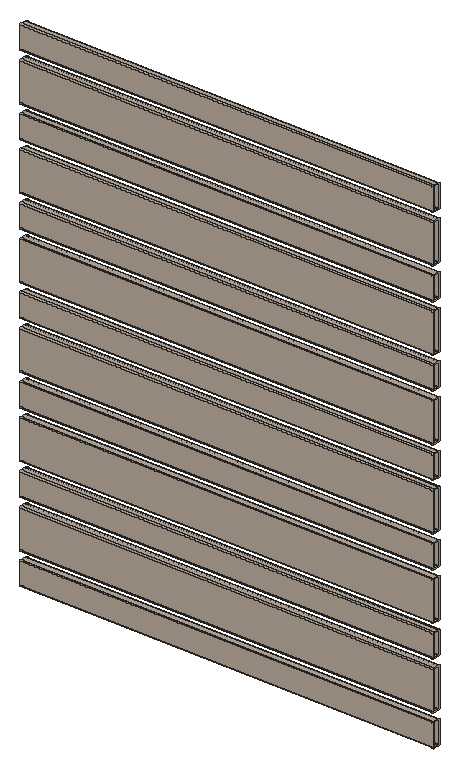
Revit family "ALTERNATING_ALUMINUM_PLANK_PANEL", category Specialty Equipment, Revit 2026
Family settings
  Round Connector Dimension = Use Diameter
  Part Type = Normal
  Classification Number = 23.55.00.00
  Work Plane-Based = No
  Enable Cutting in Views = No
  Always vertical = No
  Cut with Voids When Loaded = No
  Maintain Annotation Orientation = No
  Shared = No
  Room Calculation Point = No
Parameters (values of type "Assembly")
  Width [instance] = if(Desired Overall Width < C Min Width, C Min Width, if(Desired Overall Width > C Max Width, C Max Width, Desired Overall Width))  # 6' - 0"
  Warranty URL = "https://palmshieldlouvers.com/wp-content/uploads/2020/01/PalmSHIELD-Warranty-NO-SIGN-LINE.pdf"
  Version = "2020 - v1.0a"  # constant formula
  URL = "https://palmshieldlouvers.com/"
  Product Page URL = "https://palmshieldlouvers.com/products/mercury-eco-semi-private/"
  Product Documentation Link = "https://palmshieldlouvers.com/wp-content/uploads/2022/01/Mercury-Economic-Alternating-Semi-Private.pdf"
  Offset From Surface = 0' - 2"  # constant formula
  Model = "Mercury Economic - Alternating - Semi Private"  # constant formula
  Material = Metal - PalmSHIELD - Grey Beige
  Manufacturer Phone Number = "531-329-4406 "  # constant formula
  Manufacturer Email = "mailto: info@palmshieldlouvers.com"
  Manufacturer Address = "12330 Cary Circle, La Vista, NE 68128"  # constant formula
  Manufacturer = "PalmSHIELD"  # constant formula
  Louver Finish = Metal - PalmSHIELD - Grey Beige
  Keynote = "05 10 00"
  Instruction Sheet Link = "https://palmshieldlouvers.com/wp-content/uploads/2021/09/PalmSHIELD-Mercury-Series-Post-Panel-Gate-Installation-Instructions-2.docx"
  ID [instance] = "Not Assigned"
  Height [instance] = if(Desired Overall Height < C Min Height, C Min Height, if(Desired Overall Height > C Max Height, C Max Height, Desired Overall Height))  # 6' - 0"
  Desired Overall Width [instance] = 4' - 0"
  Desired Overall Height [instance] = 6' - 0"
  Desired Bottom Angle [instance] = 0.00°
  Description = "Mercury Economic - Alternating - Semi Private - Panel Assembly"  # constant formula
  Default Elevation = 0' - 0"
  Copyright = "Copyright ©2024 The American Fence Company and PalmSHIELD. All Rights Reserved."  # constant formula
  Component Vis [instance] = yes
  Component Name [instance] = "Mercury Economic - Alternating - Semi Private"  # constant formula
  C Min Width [instance] = 6' - 0"  # constant formula
  C Min Height [instance] = C Min Width  # 6' - 0"
  C Max Width [instance] = 5' - 0"  # constant formula
  C Max Height [instance] = 6' - 0"  # constant formula
  C Angle [instance] = if(Desired Bottom Angle > 10.00°, 10.00°, if(Desired Bottom Angle < -10.00°, -10.00°, Desired Bottom Angle))  # 0.00°
  Assembly Code = "F1020100"
Reference planes (in)
  plane 1 "Center (Front/Back)": y = 0
  plane 2: z = 0
  plane 3 "Center (Left/Right)": x = 0
  plane 4: z = 72
  plane 5: x = 72
  plane 6: y = 3
  plane 7: y = 1.5
Lines and regions (in)
  reference lines
    curve 1: line (48, 0, 96.95698) -> (48, 0, -11)
    curve 2: line (-20.8931, 0, 72) -> (95.1069, 0, 72)
Dimensions and locks (in)
  "Desired Overall Height": curve 2 to level
  "Desired Overall Width": curve 1 to plane 3 "Center (Left/Right)"
  "Height": plane 4 to level
  "Width": plane 5 to plane 3 "Center (Left/Right)"
  equal spacing: plane 1 "Center (Front/Back)", plane 7, plane 6
  aligned and locked: plane 2 to level
Automatic sketch dimensions
  curve 2 to plane 3 "Center (Left/Right)" = 1' - 8.8931"
  plane 5 to curve 2 = 1' - 11.1069"
  curve 1 to level = 0' - 11"
  plane 4 to curve 1 = 2' - 0.95698"
Nested families (in)
  nested 1: "Screening-Louver-Assembly-Panel-Palmshield-Mercury_Economic-Alternating-Semi_Private-Aluminum" at (0, -2, 0), Desired Overall Height <- "Desired Overall Height", Desired Overall Width <- "Desired Overall Width", ID <- "ID", Component Vis <- "Component Vis", type "Assembly"
    with Width 6' - 0", Louver Length 4' - 3 5/8", ID "Not Assigned", Height 6' - 0", Desired Overall Width 4' - 0", Desired Overall Height 6' - 0", Component Vis yes, Component Name "Mercury Economic Alternating Semi Private - Panel Assembly - Aluminum", C Top Post Length 4' - 0", C Straight Corner Angle 45.00°, C Slope Angle 0.00°, C Side Frame Width 0' - 0 7/8", C Side Adjustment 0' - 0", C Rib Thickness Bottom Offset 0' - 0", C Rib Bottom Side Offset 0' - 0", C Louver Offset 0' - 0 1/8", C Louver Count B 6, C Louver Count A 7, C Hip 4' - 0", C Frame Offset 0' - 0 3/8", C Desired Bottom Angle 0.00°, C Bottom Offset B 0' - 9", C B-Side Post Length 6' - 0", C B-Side Angle 45.00°, C Angle 90.00°, C A-Side Post Length 6' - 0", C A-Side Angle 45.00°
  nested 2: "Nested-Louvers-Palmshield-Mercury-Economic-Alternating-Semi_Private-Aluminum" at (-1.8125, 0, 8.5) x (0, 1, 0) z (1, 0, 0), type "0.938" X 3" ALUMINUM SLAT, TYP."
    with Material Metal - PalmSHIELD - Grey Beige, Length 4' - 3 5/8", ID "", Component Name "Mercury Economic Alternating Semi Private - Aluminum - Louvers"
  nested 3: "Nested-Louvers-Palmshield-Mercury-Economic-Alternating-Semi_Private-Aluminum" at (-1.8125, 0, 18.5) x (0, 1, 0) z (1, 0, 0), type "0.938" X 3" ALUMINUM SLAT, TYP."
    with Material Metal - PalmSHIELD - Grey Beige, Length 4' - 3 5/8", ID "", Component Name "Mercury Economic Alternating Semi Private - Aluminum - Louvers"
  nested 4: "Nested-Louvers-Palmshield-Mercury-Economic-Alternating-Semi_Private-Aluminum" at (-1.8125, 0, 28.5) x (0, 1, 0) z (1, 0, 0), type "0.938" X 3" ALUMINUM SLAT, TYP."
    with Material Metal - PalmSHIELD - Grey Beige, Length 4' - 3 5/8", ID "", Component Name "Mercury Economic Alternating Semi Private - Aluminum - Louvers"
  nested 5: "Nested-Louvers-Palmshield-Mercury-Economic-Alternating-Semi_Private-Aluminum" at (-1.8125, 0, 12.5) x (0, 1, 0) z (1, 0, 0), type "0.938" X 5" ALUMINUM SLAT, TYP."
    with Material Metal - PalmSHIELD - Grey Beige, Length 4' - 3 5/8", ID "", Component Name "Mercury Economic Alternating Semi Private - Aluminum - Louvers"
  nested 6: "Nested-Louvers-Palmshield-Mercury-Economic-Alternating-Semi_Private-Aluminum" at (-1.8125, 0, 22.5) x (0, 1, 0) z (1, 0, 0), type "0.938" X 5" ALUMINUM SLAT, TYP."
    with Material Metal - PalmSHIELD - Grey Beige, Length 4' - 3 5/8", ID "", Component Name "Mercury Economic Alternating Semi Private - Aluminum - Louvers"
  nested 7: "Nested-Louvers-Palmshield-Mercury-Economic-Alternating-Semi_Private-Aluminum" at (-1.8125, 0, 32.5) x (0, 1, 0) z (1, 0, 0), type "0.938" X 5" ALUMINUM SLAT, TYP."
    with Material Metal - PalmSHIELD - Grey Beige, Length 4' - 3 5/8", ID "", Component Name "Mercury Economic Alternating Semi Private - Aluminum - Louvers"
  nested 8: "Nested-Louvers-Palmshield-Mercury-Economic-Alternating-Semi_Private-Aluminum" at (-1.8125, 0, 42.5) x (0, 1, 0) z (1, 0, 0), type "0.938" X 5" ALUMINUM SLAT, TYP."
    with Material Metal - PalmSHIELD - Grey Beige, Length 4' - 3 5/8", ID "", Component Name "Mercury Economic Alternating Semi Private - Aluminum - Louvers"
  nested 9: "Nested-Louvers-Palmshield-Mercury-Economic-Alternating-Semi_Private-Aluminum" at (-1.8125, 0, 38.5) x (0, 1, 0) z (1, 0, 0), type "0.938" X 3" ALUMINUM SLAT, TYP."
    with Material Metal - PalmSHIELD - Grey Beige, Length 4' - 3 5/8", ID "", Component Name "Mercury Economic Alternating Semi Private - Aluminum - Louvers"
  nested 10: "Nested-Louvers-Palmshield-Mercury-Economic-Alternating-Semi_Private-Aluminum" at (-1.8125, 0, 48.5) x (0, 1, 0) z (1, 0, 0), type "0.938" X 3" ALUMINUM SLAT, TYP."
    with Material Metal - PalmSHIELD - Grey Beige, Length 4' - 3 5/8", ID "", Component Name "Mercury Economic Alternating Semi Private - Aluminum - Louvers"
  nested 11: "Nested-Louvers-Palmshield-Mercury-Economic-Alternating-Semi_Private-Aluminum" at (-1.8125, 0, 58.5) x (0, 1, 0) z (1, 0, 0), type "0.938" X 3" ALUMINUM SLAT, TYP."
    with Material Metal - PalmSHIELD - Grey Beige, Length 4' - 3 5/8", ID "", Component Name "Mercury Economic Alternating Semi Private - Aluminum - Louvers"
  nested 12: "Nested-Louvers-Palmshield-Mercury-Economic-Alternating-Semi_Private-Aluminum" at (-1.8125, 0, 52.5) x (0, 1, 0) z (1, 0, 0), type "0.938" X 5" ALUMINUM SLAT, TYP."
    with Material Metal - PalmSHIELD - Grey Beige, Length 4' - 3 5/8", ID "", Component Name "Mercury Economic Alternating Semi Private - Aluminum - Louvers"
  nested 13: "Nested-Louvers-Palmshield-Mercury-Economic-Alternating-Semi_Private-Aluminum" at (-1.8125, 0, 68.5) x (0, 1, 0) z (1, 0, 0), type "0.938" X 3" ALUMINUM SLAT, TYP."
    with Material Metal - PalmSHIELD - Grey Beige, Length 4' - 3 5/8", ID "", Component Name "Mercury Economic Alternating Semi Private - Aluminum - Louvers"
  nested 14: "Nested-Louvers-Palmshield-Mercury-Economic-Alternating-Semi_Private-Aluminum" at (-1.8125, 0, 62.5) x (0, 1, 0) z (1, 0, 0), type "0.938" X 5" ALUMINUM SLAT, TYP."
    with Material Metal - PalmSHIELD - Grey Beige, Length 4' - 3 5/8", ID "", Component Name "Mercury Economic Alternating Semi Private - Aluminum - Louvers"
Definition of nested family "Nested-Louvers-Palmshield-Mercury-Economic-Alternating-Semi_Private-Aluminum"
  Parameters (values of type "0.938" X 3" ALUMINUM SLAT, TYP.")
    Width = if(Constraints = 1, 0' 5", 0' 3")  # 0' - 3"
    Warranty URL = "https://palmshieldlouvers.com/wp-content/uploads/2020/01/PalmSHIELD-Warranty-NO-SIGN-LINE.pdf"
    Version = "2020 - v1.0a"  # constant formula
    URL = "https://palmshieldlouvers.com/"
    Thickness = 0' - 0 15/16"  # constant formula
    Product Page URL = "https://palmshieldlouvers.com/products/mercury-screening/"
    Product Documentation Link = "https://palmshieldlouvers.com/wp-content/uploads/2022/01/Mercury-Economic-Alternating-Semi-Private.pdf"
    Model = "Mercury Economic Semi Private Alternating"  # constant formula
    Material [instance] = none
    Manufacturer Phone Number = "531-329-4406 "  # constant formula
    Manufacturer Fax Number = "Consult Manufacturer Website for More Information"  # constant formula
    Manufacturer Email = "mailto: info@palmshieldlouvers.com"
    Manufacturer Address = "12330 Cary Circle, La Vista, NE 68128"  # constant formula
    Manufacturer = "PalmSHIELD"  # constant formula
    Length [instance] = 4' - 4.86713"
    Keynote = "05 10 00"
    Instruction Sheet Link = "https://palmshieldlouvers.com/wp-content/uploads/2021/09/PalmSHIELD-Mercury-Series-Post-Panel-Gate-Installation-Instructions-2.docx"
    ID [instance] = ""
    Description = "Mercury Economic Semi Private Alternating - Louvers"  # constant formula
    Default Elevation = 4' - 0"
    Copyright = "Copyright ©2024 The American Fence Company and PalmSHIELD. All Rights Reserved."  # constant formula
    Constraints = 2
    Component Name [instance] = "Mercury Economic Alternating Semi Private - Aluminum - Louvers"  # constant formula
    Assembly Code = "F1020100"
  Types (2): name | Width | Constraints
    0.938" X 5" ALUMINUM SLAT, TYP. | 0' - 5" | 1
    0.938" X 3" ALUMINUM SLAT, TYP. | 0' - 3" | 2
  Reference planes (in)
    plane 1 "Center (Front/Back)": y = 0
    plane 2: z = 0
    plane 3 "Center (Left/Right)": x = 0
    plane 4: z = 52.86713
  Forms (in)
    Extrusion 1, solid
      sketch origin (0, 0, 0) x (1, 0, 0) y (0, 1, 0)
        loop
          line (-48, 48) -> (-48, -48) -> (48, -48) -> (48, 48) -> (-48, 48)
      from 0 to -12
    Sweep 2, solid, material <- "Material"
      path origin (0, 0, 0) x (0, 1, 0) y (0, 0, 1)
        loop
          line (0, 0) -> (0, 52.86713)
      profile "Profile-Palmshield-Louver : Default" origin (0, 0, 26.43357) x (0, -1, 0) y (1, 0, 0)
        loop
          line (-0.125, 0.4065) -> (-2.875, 0.4065)
          arc (-2.875, 0.4065) -> (-2.91919, 0.38819) -> (-2.9375, 0.344) r 0.0625
          line (-2.9375, 0.344) -> (-2.9375, -0.344)
          arc (-2.9375, -0.344) -> (-2.91919, -0.38819) -> (-2.875, -0.4065) r 0.0625
          line (-2.875, -0.4065) -> (-0.125, -0.4065)
          arc (-0.125, -0.4065) -> (-0.08081, -0.38819) -> (-0.0625, -0.344) r 0.0625
          line (-0.0625, -0.344) -> (-0.0625, 0.344)
          arc (-0.0625, 0.344) -> (-0.08081, 0.38819) -> (-0.125, 0.4065) r 0.0625
        loop
          line (-3, 0.344) -> (-3, -0.344)
          arc (-3, -0.344) -> (-2.96339, -0.43239) -> (-2.875, -0.469) r 0.125
          line (-2.875, -0.469) -> (-0.125, -0.469)
          arc (-0.125, -0.469) -> (-0.03661, -0.43239) -> (0, -0.344) r 0.125
          line (0, -0.344) -> (0, 0.344)
          arc (0, 0.344) -> (-0.03661, 0.43239) -> (-0.125, 0.469) r 0.125
          line (-0.125, 0.469) -> (-2.875, 0.469)
          arc (-2.875, 0.469) -> (-2.96339, 0.43239) -> (-3, 0.344) r 0.125
  Dimensions and locks (in)
    "Length": plane 4 to plane 2
    aligned and locked: plane 2 to Extrusion 1
    aligned and locked: level to Extrusion 1
    aligned and locked: plane 1 "Center (Front/Back)" to Sweep 2 sketch curve
    aligned and locked: plane 4 to Sweep 2 sketch curve
  Automatic sketch dimensions
    Extrusion 1 sketch curve to Extrusion 1 sketch curve = 8' - 0"  (x2)
    Sweep 2 sketch curve to level = 0' - 0"
Definition of nested family "Screening-Louver-Assembly-Panel-Palmshield-Mercury_Economic-Alternating-Semi_Private-Aluminum"
  Parameters (values of type "Default")
    Width [instance] = if(Desired Overall Width < 3' 4", 3' 4", if(Desired Overall Width > 5' 0", 5' 0", Desired Overall Width))  # 4' - 0"
    Warranty URL = "https://palmshieldlouvers.com/wp-content/uploads/2020/01/PalmSHIELD-Warranty-NO-SIGN-LINE.pdf"
    Version = "2020 - v1.0a"  # constant formula
    URL = "https://palmshieldlouvers.com/"
    Offset From Surface = 0' - 3 1/2"  # constant formula
    Material = none
    Louver Separation = 0' - 10"  # constant formula
    Product Page URL = "https://palmshieldlouvers.com/products/mercury-screening/"
    Product Documentation Link = "https://palmshieldlouvers.com/wp-content/uploads/2022/01/Mercury-Economic-Alternating-Semi-Private.pdf"
    Model = "Mercury Economic - Alternating - Semi Private"  # constant formula
    Manufacturer Phone Number = "531-329-4406 "  # constant formula
    Manufacturer Fax Number = "Consult Manufacturer Website for More Information"  # constant formula
    Manufacturer Email = "mailto: info@palmshieldlouvers.com"
    Manufacturer Address = "12330 Cary Circle, La Vista, NE 68128"  # constant formula
    Manufacturer = "PalmSHIELD"  # constant formula
    Louver Length [instance] = Width + 2 * C Frame Overlap  # 4' - 3 5/8"
    Keynote = "05 10 00"
    Instruction Sheet Link = "https://palmshieldlouvers.com/wp-content/uploads/2021/09/PalmSHIELD-Mercury-Series-Post-Panel-Gate-Installation-Instructions-2.docx"
    ID [instance] = "Not Assgined"
    Height [instance] = if(Desired Overall Height < 3' 0", 3' 0", if(Desired Overall Height > 6' 0", 6' 0", Desired Overall Height))  # 6' - 0"
    Component Vis [instance] = yes
    C Top Offset B = 0' - 0 1/2"  # constant formula
    C Louver Count B [instance] = 1 + rounddown((Height - C Bottom Offset B - C Top Offset B - 0' 3") / Louver Separation)  # 6
    C Frame Width = 0' - 4"  # constant formula
    C Frame Thickness = 0' - 0 1/8"  # constant formula
    Desired Overall Width [instance] = 4' - 0"
    Desired Overall Height [instance] = 6' - 0 1/2"
    Description = "Mercury Economic - Alternating - Semi Private - Panel Assembly"  # constant formula
    Default Elevation = 4' - 0"
    Copyright = "Copyright ©2024 The American Fence Company and PalmSHIELD. All Rights Reserved."  # constant formula
    Component Name [instance] = "Mercury Economic Alternating Semi Private - Panel Assembly - Aluminum"  # constant formula
    C Top Post Length [instance] = Width  # 4' - 0"
    C Top Offset A = 0' - 4 1/2"  # constant formula
    C Straight Corner Angle [instance] = 45.00°  # constant formula
    C Slope Angle [instance] = if(C Desired Bottom Angle < -25.00°, 25.00°, if(C Desired Bottom Angle > 25.00°, 25.00°, C Desired Bottom Angle))  # 0.00°
    C Side Frame Width [instance] = 0' - 0 7/8"  # constant formula
    C Rib Thickness Bottom Offset [instance] = 0' - 0"  # constant formula
    C Rib Bottom Side Offset [instance] = if(C Slope Angle < 0.00°, -C Frame Thickness * sin(C Slope Angle), C Frame Thickness * sin(C Slope Angle))  # 0' - 0"
    C Louver Overlap = 0' - 0 1/2"  # constant formula
    C Louver Offset [instance] = 0' - 0 1/8"  # constant formula
    C Louver Count A [instance] = 1 + rounddown((Height - C Bottom Offset A - C Top Offset B - 0' 5") / Louver Separation)  # 7
    C Hip [instance] = Width / cos(C Slope Angle)  # 4' - 0"
    C Side Adjustment [instance] = -C Hip * sin(C Slope Angle)  # 0' - 0"
    C Frame Overlap = 0' - 1 13/16"  # constant formula
    C Frame Offset [instance] = C Side Frame Width - 0' 0 1/2"  # 0' - 0 3/8"
    C Bottom Offset B [instance] = 0' - 9"  # constant formula
    C Bottom Offset A = 0' - 3"  # constant formula
    C B-Side Post Length [instance] = Height + C Side Adjustment  # 6' - 0"
    C B-Side Angle [instance] = (90.00° - C Slope Angle) / 2  # 45.00°
    C Angle [instance] = if(C Slope Angle < -25.00°, 90.00° - 25.00°, if(C Slope Angle > 25.00°, 90.00° + 25.00°, 90.00° - C Slope Angle))  # 90.00°
    C Desired Bottom Angle [instance] = 0.00°  # constant formula
    C A-Side Post Length [instance] = Height  # 6' - 0"
    C A-Side Angle [instance] = (90.00° + C Slope Angle) / 2  # 45.00°
    Assembly Code = "F1020100"
  Reference planes (in)
    plane 1: y = 0
    plane 2: z = 0
    plane 3 "Side A": x = 0
    plane 4 "Top": z = 72
    plane 5 "Side B": x = 48
    plane 6: y = 4
    plane 7: z = 72
    plane 8: x = 0
    plane 9: x = -1.8125
    plane 10 "Center (Front/Back)": y = 2
    plane 11: x = 24
    plane 12: z = 3
    plane 13: z = 67.5
    plane 14: z = 13
    plane 15: z = 9
    plane 16: z = 71.5
    plane 17: z = 19
    plane 18: x = 49.8125
    plane 19: z = 61.5
    plane 20: z = 57.5
  Forms (in)
    Extrusion 1, solid
      sketch origin (0, 0, 0) x (1, 0, 0) y (0, 1, 0)
        loop
          line (-48, 48) -> (-48, -48) -> (48, -48) -> (48, 48) -> (-48, 48)
      from 0 to -12
  Lines and regions (in)
    reference lines
      curve 1: line (0, 0, 3.14604) -> (84, 0, 3.14604)
      curve 2: line (15.625, 0, 3.14604) -> (26.375, 0, 3.14604)
      curve 3: line (31.625, 0, 3.14604) -> (41.625, 0, 3.14604)
      curve 4: line (-25.10096, 0, 72.5) -> (88.51525, 0, 72.5)
      curve 5: line (48, 0, 3.14604) -> (53.25, 0, 3.14604)
      curve 6: line (48, 0, 91.91427) -> (48, 0, -22.08573)
      curve 7: line (-1.8125, 19.58446, 72.5) -> (-1.8125, -23.41554, 72.5)
  Dimensions and locks (in)
    "Width": plane 5 "Side B" to plane 3 "Side A"
    plane 3 "Side A" to plane 5 "Side B" = 4' - 0"
    plane 4 "Top" to plane 7 = 0' - 0"
    "C Rib Bottom Side Offset": plane 3 "Side A" to plane 8
    equal spacing: plane 1, plane 10 "Center (Front/Back)", plane 6
    equal spacing: plane 3 "Side A", plane 11, plane 5 "Side B"
    "C Frame Overlap": plane 3 "Side A" to plane 9
    "C Bottom Offset A": plane 12 to plane 2
    "C Top Offset A": plane 7 to plane 13
    "Desired Overall Width": curve 6 to plane 3 "Side A"
    "C Frame Width": plane 6 to plane 1
    "Louver Separation": plane 12 to plane 14
    "C Bottom Offset B": plane 15 to Extrusion 1
    "C Top Offset B": plane 7 to plane 16
    "Desired Overall Height": curve 7 to level
    "Louver Separation": plane 15 to plane 17
    equal spacing: group 1, group 2, group 7, group 8, group 9, group 10  (x2)
    equal spacing: group 10, group 9, group 8, group 7, group 2, group 1
    equal spacing: group 3, group 4, group 5, group 6, group 11, group 12, group 13  (x2)
    equal spacing: group 13, group 12, group 11, group 6, group 5, group 4, group 3
    "C Frame Overlap": plane 18 to plane 5 "Side B"
    "Louver Separation": plane 19 to plane 16
    "Louver Separation": plane 20 to plane 13
    "Desired Overall Height": curve 4 to plane 2
    "Height": plane 4 "Top" to plane 2
    "C Angle": angle curve 1 to plane 3 "Side A"
    locked: curve 5 to plane 5 "Side B" (angle 90.00°)
    aligned and locked: plane 2 to Extrusion 1
    aligned and locked: level to Extrusion 1
    aligned and locked: plane 3 "Side A" to curve 1
    aligned and locked: plane 10 "Center (Front/Back)" to nested 2
    aligned and locked: nested 2 to plane 16
    aligned and locked: plane 10 "Center (Front/Back)" to nested 4
    aligned and locked: plane 19 to nested 4
    aligned and locked: plane 10 "Center (Front/Back)" to nested 1
    aligned and locked: nested 1 to plane 13
    aligned and locked: plane 10 "Center (Front/Back)" to nested 3
    aligned and locked: plane 20 to nested 3
  Automatic sketch dimensions
    Extrusion 1 sketch curve to Extrusion 1 sketch curve = 8' - 0"  (x2)
    curve 5 to plane 5 "Side B" = 0' - 0"
    curve 4 to plane 9 = 1' - 11.28846"
    curve 2 to plane 12 = 0' - 0.14604"
    curve 2 to plane 11 = 0' - 8 3/8"
    plane 11 to curve 2 = 0' - 2 3/8"
    curve 3 to plane 12 = 0' - 0.14604"
    curve 2 to curve 3 = 0' - 5 1/4"
    curve 3 to curve 5 = 0' - 6 3/8"
    plane 18 to curve 4 = 3' - 2.70275"
    curve 5 to plane 12 = 0' - 0.14604"
    curve 6 to level = 1' - 10.08573"
    plane 4 "Top" to curve 6 = 1' - 7.91427"
    curve 7 to plane 6 = 1' - 3.58446"
    plane 1 to curve 7 = 1' - 11.41554"
  Nested families (in)
    nested 1: "Nested-Louvers-Palmshield-Mercury-Economic-Alternating-Semi_Private-Aluminum" at (-1.8125, 2, 62.5) x (0, 1, 0) z (1, 0, 0), Material <- "Material", Length <- "Louver Length", visible <- "Component Vis", type "0.938" X 5" ALUMINUM SLAT, TYP."
      with Material none, Length 4' - 3 5/8", ID "", Component Name "Mercury Economic Alternating Semi Private - Aluminum - Louvers"
    nested 2: "Nested-Louvers-Palmshield-Mercury-Economic-Alternating-Semi_Private-Aluminum" at (-1.8125, 2, 68.5) x (0, 1, 0) z (1, 0, 0), Material <- "Material", Length <- "Louver Length", visible <- "Component Vis", type "0.938" X 3" ALUMINUM SLAT, TYP."
      with Material none, Length 4' - 3 5/8", ID "", Component Name "Mercury Economic Alternating Semi Private - Aluminum - Louvers"
    nested 3: "Nested-Louvers-Palmshield-Mercury-Economic-Alternating-Semi_Private-Aluminum" at (-1.8125, 2, 52.5) x (0, 1, 0) z (1, 0, 0), Material <- "Material", Length <- "Louver Length", visible <- "Component Vis", type "0.938" X 5" ALUMINUM SLAT, TYP."
      with Material none, Length 4' - 3 5/8", ID "", Component Name "Mercury Economic Alternating Semi Private - Aluminum - Louvers"
    nested 4: "Nested-Louvers-Palmshield-Mercury-Economic-Alternating-Semi_Private-Aluminum" at (-1.8125, 2, 58.5) x (0, 1, 0) z (1, 0, 0), Material <- "Material", Length <- "Louver Length", visible <- "Component Vis", type "0.938" X 3" ALUMINUM SLAT, TYP."
      with Material none, Length 4' - 3 5/8", ID "", Component Name "Mercury Economic Alternating Semi Private - Aluminum - Louvers"
    nested 5: "Nested-Louvers-Palmshield-Mercury-Economic-Alternating-Semi_Private-Aluminum" at (-1.8125, 2, 48.5) x (0, 1, 0) z (1, 0, 0), Material <- "Material", Length <- "Louver Length", visible <- "Component Vis", type "0.938" X 3" ALUMINUM SLAT, TYP."
      with Material none, Length 4' - 3 5/8", ID "", Component Name "Mercury Economic Alternating Semi Private - Aluminum - Louvers"
    nested 6: "Nested-Louvers-Palmshield-Mercury-Economic-Alternating-Semi_Private-Aluminum" at (-1.8125, 2, 38.5) x (0, 1, 0) z (1, 0, 0), Material <- "Material", Length <- "Louver Length", visible <- "Component Vis", type "0.938" X 3" ALUMINUM SLAT, TYP."
      with Material none, Length 4' - 3 5/8", ID "", Component Name "Mercury Economic Alternating Semi Private - Aluminum - Louvers"
    nested 7: "Nested-Louvers-Palmshield-Mercury-Economic-Alternating-Semi_Private-Aluminum" at (-1.8125, 2, 42.5) x (0, 1, 0) z (1, 0, 0), Material <- "Material", Length <- "Louver Length", visible <- "Component Vis", type "0.938" X 5" ALUMINUM SLAT, TYP."
      with Material none, Length 4' - 3 5/8", ID "", Component Name "Mercury Economic Alternating Semi Private - Aluminum - Louvers"
    nested 8: "Nested-Louvers-Palmshield-Mercury-Economic-Alternating-Semi_Private-Aluminum" at (-1.8125, 2, 32.5) x (0, 1, 0) z (1, 0, 0), Material <- "Material", Length <- "Louver Length", visible <- "Component Vis", type "0.938" X 5" ALUMINUM SLAT, TYP."
      with Material none, Length 4' - 3 5/8", ID "", Component Name "Mercury Economic Alternating Semi Private - Aluminum - Louvers"
    nested 9: "Nested-Louvers-Palmshield-Mercury-Economic-Alternating-Semi_Private-Aluminum" at (-1.8125, 2, 22.5) x (0, 1, 0) z (1, 0, 0), Material <- "Material", Length <- "Louver Length", visible <- "Component Vis", type "0.938" X 5" ALUMINUM SLAT, TYP."
      with Material none, Length 4' - 3 5/8", ID "", Component Name "Mercury Economic Alternating Semi Private - Aluminum - Louvers"
    nested 10: "Nested-Louvers-Palmshield-Mercury-Economic-Alternating-Semi_Private-Aluminum" at (-1.8125, 2, 12.5) x (0, 1, 0) z (1, 0, 0), Material <- "Material", Length <- "Louver Length", visible <- "Component Vis", type "0.938" X 5" ALUMINUM SLAT, TYP."
      with Material none, Length 4' - 3 5/8", ID "", Component Name "Mercury Economic Alternating Semi Private - Aluminum - Louvers"
    nested 11: "Nested-Louvers-Palmshield-Mercury-Economic-Alternating-Semi_Private-Aluminum" at (-1.8125, 2, 28.5) x (0, 1, 0) z (1, 0, 0), Material <- "Material", Length <- "Louver Length", visible <- "Component Vis", type "0.938" X 3" ALUMINUM SLAT, TYP."
      with Material none, Length 4' - 3 5/8", ID "", Component Name "Mercury Economic Alternating Semi Private - Aluminum - Louvers"
    nested 12: "Nested-Louvers-Palmshield-Mercury-Economic-Alternating-Semi_Private-Aluminum" at (-1.8125, 2, 18.5) x (0, 1, 0) z (1, 0, 0), Material <- "Material", Length <- "Louver Length", visible <- "Component Vis", type "0.938" X 3" ALUMINUM SLAT, TYP."
      with Material none, Length 4' - 3 5/8", ID "", Component Name "Mercury Economic Alternating Semi Private - Aluminum - Louvers"
    nested 13: "Nested-Louvers-Palmshield-Mercury-Economic-Alternating-Semi_Private-Aluminum" at (-1.8125, 2, 8.5) x (0, 1, 0) z (1, 0, 0), Material <- "Material", Length <- "Louver Length", visible <- "Component Vis", type "0.938" X 3" ALUMINUM SLAT, TYP."
      with Material none, Length 4' - 3 5/8", ID "", Component Name "Mercury Economic Alternating Semi Private - Aluminum - Louvers"
  Definition of nested family "Nested-Louvers-Palmshield-Mercury-Economic-Alternating-Semi_Private-Aluminum"
    Parameters (values of type "0.938" X 3" ALUMINUM SLAT, TYP.")
      Width = if(Constraints = 1, 0' 5", 0' 3")  # 0' - 3"
      Warranty URL = "https://palmshieldlouvers.com/wp-content/uploads/2020/01/PalmSHIELD-Warranty-NO-SIGN-LINE.pdf"
      Version = "2020 - v1.0a"  # constant formula
      URL = "https://palmshieldlouvers.com/"
      Thickness = 0' - 0 15/16"  # constant formula
      Product Page URL = "https://palmshieldlouvers.com/products/mercury-screening/"
      Product Documentation Link = "https://palmshieldlouvers.com/wp-content/uploads/2022/01/Mercury-Economic-Alternating-Semi-Private.pdf"
      Model = "Mercury Economic Semi Private Alternating"  # constant formula
      Material [instance] = none
      Manufacturer Phone Number = "531-329-4406 "  # constant formula
      Manufacturer Fax Number = "Consult Manufacturer Website for More Information"  # constant formula
      Manufacturer Email = "mailto: info@palmshieldlouvers.com"
      Manufacturer Address = "12330 Cary Circle, La Vista, NE 68128"  # constant formula
      Manufacturer = "PalmSHIELD"  # constant formula
      Length [instance] = 4' - 4.86713"
      Keynote = "05 10 00"
      Instruction Sheet Link = "https://palmshieldlouvers.com/wp-content/uploads/2021/09/PalmSHIELD-Mercury-Series-Post-Panel-Gate-Installation-Instructions-2.docx"
      ID [instance] = ""
      Description = "Mercury Economic Semi Private Alternating - Louvers"  # constant formula
      Default Elevation = 4' - 0"
      Copyright = "Copyright ©2024 The American Fence Company and PalmSHIELD. All Rights Reserved."  # constant formula
      Constraints = 2
      Component Name [instance] = "Mercury Economic Alternating Semi Private - Aluminum - Louvers"  # constant formula
      Assembly Code = "F1020100"
    Types (2): name | Width | Constraints
      0.938" X 5" ALUMINUM SLAT, TYP. | 0' - 5" | 1
      0.938" X 3" ALUMINUM SLAT, TYP. | 0' - 3" | 2
    Reference planes (in)
      plane 1 "Center (Front/Back)": y = 0
      plane 2: z = 0
      plane 3 "Center (Left/Right)": x = 0
      plane 4: z = 52.86713
    Forms (in)
      Extrusion 1, solid
        sketch origin (0, 0, 0) x (1, 0, 0) y (0, 1, 0)
          loop
            line (-48, 48) -> (-48, -48) -> (48, -48) -> (48, 48) -> (-48, 48)
        from 0 to -12
      Sweep 2, solid, material <- "Material"
        path origin (0, 0, 0) x (0, 1, 0) y (0, 0, 1)
          loop
            line (0, 0) -> (0, 52.86713)
        profile "Profile-Palmshield-Louver : Default" origin (0, 0, 26.43357) x (0, -1, 0) y (1, 0, 0)
          loop
            line (-0.125, 0.4065) -> (-2.875, 0.4065)
            arc (-2.875, 0.4065) -> (-2.91919, 0.38819) -> (-2.9375, 0.344) r 0.0625
            line (-2.9375, 0.344) -> (-2.9375, -0.344)
            arc (-2.9375, -0.344) -> (-2.91919, -0.38819) -> (-2.875, -0.4065) r 0.0625
            line (-2.875, -0.4065) -> (-0.125, -0.4065)
            arc (-0.125, -0.4065) -> (-0.08081, -0.38819) -> (-0.0625, -0.344) r 0.0625
            line (-0.0625, -0.344) -> (-0.0625, 0.344)
            arc (-0.0625, 0.344) -> (-0.08081, 0.38819) -> (-0.125, 0.4065) r 0.0625
          loop
            line (-3, 0.344) -> (-3, -0.344)
            arc (-3, -0.344) -> (-2.96339, -0.43239) -> (-2.875, -0.469) r 0.125
            line (-2.875, -0.469) -> (-0.125, -0.469)
            arc (-0.125, -0.469) -> (-0.03661, -0.43239) -> (0, -0.344) r 0.125
            line (0, -0.344) -> (0, 0.344)
            arc (0, 0.344) -> (-0.03661, 0.43239) -> (-0.125, 0.469) r 0.125
            line (-0.125, 0.469) -> (-2.875, 0.469)
            arc (-2.875, 0.469) -> (-2.96339, 0.43239) -> (-3, 0.344) r 0.125
    Dimensions and locks (in)
      "Length": plane 4 to plane 2
      aligned and locked: plane 2 to Extrusion 1
      aligned and locked: level to Extrusion 1
      aligned and locked: plane 1 "Center (Front/Back)" to Sweep 2 sketch curve
      aligned and locked: plane 4 to Sweep 2 sketch curve
    Automatic sketch dimensions
      Extrusion 1 sketch curve to Extrusion 1 sketch curve = 8' - 0"  (x2)
      Sweep 2 sketch curve to level = 0' - 0"
